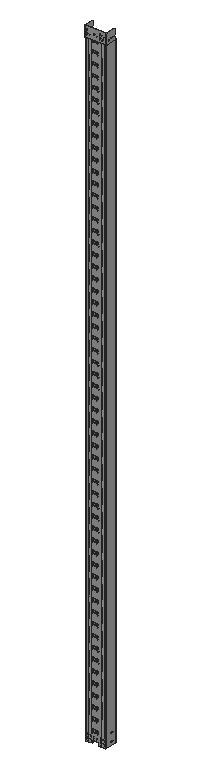
Revit family "Kabelrinne MKSM- MKSM 610 FS", category Generic Models, Revit 2017 (continued)
Dimensions and locks
  locked: Extrusion 83 sketch curve to Extrusion 83 sketch curve at 5.65
  plane 106 to Extrusion 83 sketch curve = 2.825 mm
  locked: plane 105 to Extrusion 83 sketch curve at 39.1
  locked: Extrusion 83 sketch curve to plane 105 at 39.1
  locked: Extrusion 84 sketch curve to Extrusion 84 sketch curve at 5.65
  plane 109 to Extrusion 84 sketch curve = 2.825 mm
  locked: plane 108 to Extrusion 84 sketch curve at 39.1
  locked: Extrusion 84 sketch curve to plane 108 at 39.1
  locked: Extrusion 85 sketch curve to Extrusion 85 sketch curve at 5.65
  plane 112 to Extrusion 85 sketch curve = 2.825 mm
  locked: plane 111 to Extrusion 85 sketch curve at 39.1
  locked: Extrusion 85 sketch curve to plane 111 at 39.1
  locked: Extrusion 86 sketch curve to Extrusion 86 sketch curve at 5.65
  plane 115 to Extrusion 86 sketch curve = 2.825 mm
  locked: plane 114 to Extrusion 86 sketch curve at 39.1
  locked: Extrusion 86 sketch curve to plane 114 at 39.1
  locked: Extrusion 87 sketch curve to Extrusion 87 sketch curve at 5.65
  plane 118 to Extrusion 87 sketch curve = 2.825 mm
  locked: plane 117 to Extrusion 87 sketch curve at 39.1
  locked: Extrusion 87 sketch curve to plane 117 at 39.1
  locked: Extrusion 88 sketch curve to Extrusion 88 sketch curve at 5.65
  plane 121 to Extrusion 88 sketch curve = 2.825 mm
  locked: plane 120 to Extrusion 88 sketch curve at 39.1
  locked: Extrusion 88 sketch curve to plane 120 at 39.1
  locked: Extrusion 89 sketch curve to Extrusion 89 sketch curve at 5.65
  plane 124 to Extrusion 89 sketch curve = 2.825 mm
  locked: plane 123 to Extrusion 89 sketch curve at 39.1
  locked: Extrusion 89 sketch curve to plane 123 at 39.1
  locked: Extrusion 90 sketch curve to Extrusion 90 sketch curve at 5.65
  plane 127 to Extrusion 90 sketch curve = 2.825 mm
  locked: plane 126 to Extrusion 90 sketch curve at 39.1
  locked: Extrusion 90 sketch curve to plane 126 at 39.1
  locked: Extrusion 91 sketch curve to Extrusion 91 sketch curve at 5.65
  plane 130 to Extrusion 91 sketch curve = 2.825 mm
  locked: plane 129 to Extrusion 91 sketch curve at 39.1
  locked: Extrusion 91 sketch curve to plane 129 at 39.1
  locked: Extrusion 92 sketch curve to Extrusion 92 sketch curve at 5.65
  plane 133 to Extrusion 92 sketch curve = 2.825 mm
  locked: plane 132 to Extrusion 92 sketch curve at 39.1
  locked: Extrusion 92 sketch curve to plane 132 at 39.1
  locked: Extrusion 93 sketch curve to Extrusion 93 sketch curve at 5.65
  plane 136 to Extrusion 93 sketch curve = 2.825 mm
  locked: plane 135 to Extrusion 93 sketch curve at 39.1
  locked: Extrusion 93 sketch curve to plane 135 at 39.1
  locked: Extrusion 94 sketch curve to Extrusion 94 sketch curve at 5.65
  plane 139 to Extrusion 94 sketch curve = 2.825 mm
  locked: plane 138 to Extrusion 94 sketch curve at 39.1
  locked: Extrusion 94 sketch curve to plane 138 at 39.1
  locked: Extrusion 95 sketch curve to Extrusion 95 sketch curve at 5.65
  plane 142 to Extrusion 95 sketch curve = 2.825 mm
  locked: plane 141 to Extrusion 95 sketch curve at 39.1
  locked: Extrusion 95 sketch curve to plane 141 at 39.1
  locked: Extrusion 96 sketch curve to Extrusion 96 sketch curve at 5.65
  plane 145 to Extrusion 96 sketch curve = 2.825 mm
  locked: plane 144 to Extrusion 96 sketch curve at 39.1
  locked: Extrusion 96 sketch curve to plane 144 at 39.1
  locked: Extrusion 97 sketch curve to Extrusion 97 sketch curve at 5.65
  locked: plane 148 to Extrusion 97 sketch curve at 2.825
  locked: Extrusion 97 sketch curve to plane 147 at 39.1
  locked: plane 147 to Extrusion 97 sketch curve at 39.1
  locked: cut or joined group 1 (Extrusion 1, Extrusion 6, Extrusion 7, Extrusion 9, Extrusion 10, Extrusion 11, Extrusion 12, Extrusion 13, Extrusion 14, Extrusion 15, Extrusion 16, Extrusion 17, Extrusion 18, Extrusion 19, Extrusion 20, Extrusion 21, Extrusion 22, Extrusion 23, Extrusion 24, Extrusion 25, Extrusion 26, Extrusion 27, Extrusion 28, Extrusion 29, Extrusion 30, Extrusion 31, Extrusion 32, Extrusion 33, Extrusion 34, Extrusion 35, Extrusion 36, Extrusion 37, Extrusion 38, Extrusion 39, Extrusion 40, Extrusion 41, Extrusion 42, Extrusion 43, Extrusion 44, Extrusion 45, Extrusion 46, Extrusion 47, Extrusion 48, Extrusion 49, Extrusion 50, Extrusion 51, Extrusion 52, Extrusion 53, Extrusion 54, Extrusion 55, Extrusion 56, Extrusion 57, Extrusion 58, Extrusion 59, Extrusion 60, Extrusion 61, Extrusion 62, Extrusion 63, Extrusion 64, Extrusion 65, Extrusion 66, Extrusion 67, Extrusion 68, Extrusion 69, Extrusion 70, Extrusion 71, Extrusion 72, Extrusion 73, Extrusion 74, Extrusion 75, Extrusion 76, Extrusion 77, Extrusion 78, Extrusion 79, Extrusion 80, Extrusion 81, Extrusion 82, Extrusion 83, Extrusion 84, Extrusion 85, Extrusion 86, Extrusion 87, Extrusion 88, Extrusion 89, Extrusion 90, Extrusion 91, Extrusion 92, Extrusion 93, Extrusion 94, Extrusion 95, Extrusion 96, Extrusion 97, Extrusion 98, Extrusion 99, Extrusion 100, Extrusion 101, Extrusion 102, Extrusion 103, Extrusion 104, Extrusion 105, Extrusion 106, Extrusion 107, Extrusion 108, Extrusion 109, Extrusion 110, Extrusion 111, Extrusion 112, Extrusion 113, Extrusion 114, Extrusion 115, Extrusion 116, Extrusion 117, Extrusion 118, Extrusion 119, Extrusion 120, Extrusion 121, Extrusion 122, Extrusion 123, Extrusion 124, Extrusion 125, Extrusion 126, Extrusion 127, Extrusion 128, Extrusion 129, Extrusion 130, Extrusion 131, Extrusion 132, Extrusion 133, Extrusion 134, Extrusion 135, Extrusion 136, Extrusion 137, Extrusion 138, Extrusion 139, Extrusion 140, Extrusion 141, Extrusion 142, Extrusion 143, Extrusion 144, Extrusion 145, Extrusion 146, Extrusion 147, Extrusion 148, Extrusion 149, Extrusion 150, Extrusion 151, Extrusion 152, Extrusion 153, Extrusion 154, Extrusion 155, Extrusion 156, Extrusion 157, Extrusion 158, Extrusion 159, Extrusion 160, Extrusion 161, Extrusion 162, Extrusion 163, Extrusion 164, Extrusion 165, Extrusion 166, Extrusion 167, Extrusion 168, Extrusion 169, Extrusion 170, Extrusion 171, Extrusion 172, Extrusion 173, Extrusion 174, Extrusion 175, Extrusion 176, Extrusion 177, Extrusion 178, Extrusion 179, Extrusion 180, Extrusion 181, Extrusion 182, Extrusion 183, Extrusion 184, Extrusion 185, Extrusion 186, Extrusion 187, Extrusion 188, Extrusion 189, Extrusion 190, Extrusion 191, Extrusion 192, Extrusion 193, Extrusion 194, Extrusion 195, Extrusion 196, Extrusion 197, Extrusion 198, Extrusion 199, Extrusion 200, Extrusion 201, Extrusion 202, Extrusion 203, Extrusion 204, Extrusion 205, Extrusion 206, Extrusion 207, Extrusion 208, Extrusion 209, Extrusion 210, Extrusion 211, Extrusion 212, Extrusion 213, Extrusion 214, Extrusion 215, Extrusion 216, Extrusion 217, Extrusion 218, Extrusion 219, Extrusion 220, Extrusion 221, Extrusion 222, Extrusion 223, Extrusion 224, Extrusion 225, Extrusion 226, Extrusion 227, Extrusion 228, Extrusion 229, Extrusion 230, Extrusion 231, Extrusion 232, Extrusion 233, Extrusion 234, Extrusion 235, Extrusion 236, Extrusion 237, Extrusion 238, Extrusion 239, Extrusion 240, Extrusion 241, Extrusion 242, Extrusion 243) to cut or joined group 1 at 4.175
  locked: plane 3 "Center (Left/Right)" to cut or joined group 1 at 28.175
  locked: Extrusion 98 sketch curve to Extrusion 98 sketch curve at 5.65
  locked: plane 150 to Extrusion 98 sketch curve at 2.825
  locked: Extrusion 98 sketch curve to plane 149 at 39.1
  locked: plane 149 to Extrusion 98 sketch curve at 39.1
  equal spacing: group 89, group 90, group 91, group 92, group 93, group 94, group 95, group 96, group 97, group 98, group 99, group 100, group 101, group 102, group 103, group 104, group 105, group 106, group 107, group 108, group 109, group 110, group 111, group 112, group 113, group 114, group 115, group 116  (x3)
  locked: Extrusion 99 sketch curve to Extrusion 99 sketch curve at 5.65
  locked: plane 152 to Extrusion 99 sketch curve at 2.825
  locked: Extrusion 99 sketch curve to plane 151 at 39.1
  locked: plane 151 to Extrusion 99 sketch curve at 39.1
  locked: Extrusion 100 sketch curve to Extrusion 100 sketch curve at 5.65
  locked: plane 154 to Extrusion 100 sketch curve at 2.825
  locked: Extrusion 100 sketch curve to plane 153 at 39.1
  locked: plane 153 to Extrusion 100 sketch curve at 39.1
  locked: Extrusion 101 sketch curve to Extrusion 101 sketch curve at 5.65
  locked: plane 156 to Extrusion 101 sketch curve at 2.825
  locked: Extrusion 101 sketch curve to plane 155 at 39.1
  locked: plane 155 to Extrusion 101 sketch curve at 39.1
  locked: Extrusion 102 sketch curve to Extrusion 102 sketch curve at 5.65
  locked: plane 158 to Extrusion 102 sketch curve at 2.825
  locked: Extrusion 102 sketch curve to plane 157 at 39.1
  locked: plane 157 to Extrusion 102 sketch curve at 39.1
  locked: Extrusion 103 sketch curve to Extrusion 103 sketch curve at 5.65
  locked: plane 160 to Extrusion 103 sketch curve at 2.825
  locked: Extrusion 103 sketch curve to plane 159 at 39.1
  locked: plane 159 to Extrusion 103 sketch curve at 39.1
  locked: Extrusion 104 sketch curve to Extrusion 104 sketch curve at 5.65
  locked: plane 162 to Extrusion 104 sketch curve at 2.825
  locked: Extrusion 104 sketch curve to plane 161 at 39.1
  locked: plane 161 to Extrusion 104 sketch curve at 39.1
  locked: Extrusion 105 sketch curve to Extrusion 105 sketch curve at 5.65
  locked: plane 164 to Extrusion 105 sketch curve at 2.825
  locked: Extrusion 105 sketch curve to plane 163 at 39.1
  locked: plane 163 to Extrusion 105 sketch curve at 39.1
  locked: Extrusion 106 sketch curve to Extrusion 106 sketch curve at 5.65
  locked: plane 166 to Extrusion 106 sketch curve at 2.825
  locked: Extrusion 106 sketch curve to plane 165 at 39.1
  locked: plane 165 to Extrusion 106 sketch curve at 39.1
  locked: Extrusion 107 sketch curve to Extrusion 107 sketch curve at 5.65
  locked: plane 168 to Extrusion 107 sketch curve at 2.825
  locked: Extrusion 107 sketch curve to plane 167 at 39.1
  locked: plane 167 to Extrusion 107 sketch curve at 39.1
  locked: Extrusion 108 sketch curve to Extrusion 108 sketch curve at 5.65
  locked: plane 170 to Extrusion 108 sketch curve at 2.825
  locked: Extrusion 108 sketch curve to plane 169 at 39.1
  locked: plane 169 to Extrusion 108 sketch curve at 39.1
  locked: Extrusion 109 sketch curve to Extrusion 109 sketch curve at 5.65
  locked: plane 172 to Extrusion 109 sketch curve at 2.825
  locked: Extrusion 109 sketch curve to plane 171 at 39.1
  locked: plane 171 to Extrusion 109 sketch curve at 39.1
  locked: Extrusion 110 sketch curve to Extrusion 110 sketch curve at 5.65
  locked: plane 174 to Extrusion 110 sketch curve at 2.825
  locked: Extrusion 110 sketch curve to plane 173 at 39.1
  locked: plane 173 to Extrusion 110 sketch curve at 39.1
  locked: Extrusion 111 sketch curve to Extrusion 111 sketch curve at 5.65
  locked: plane 176 to Extrusion 111 sketch curve at 2.825
  locked: Extrusion 111 sketch curve to plane 175 at 39.1
  locked: plane 175 to Extrusion 111 sketch curve at 39.1
  locked: Extrusion 112 sketch curve to Extrusion 112 sketch curve at 5.65
  locked: plane 178 to Extrusion 112 sketch curve at 2.825
  locked: Extrusion 112 sketch curve to plane 177 at 39.1
  locked: plane 177 to Extrusion 112 sketch curve at 39.1
  locked: Extrusion 113 sketch curve to Extrusion 113 sketch curve at 5.65
  locked: plane 180 to Extrusion 113 sketch curve at 2.825
  locked: Extrusion 113 sketch curve to plane 179 at 39.1
  locked: plane 179 to Extrusion 113 sketch curve at 39.1
  locked: Extrusion 114 sketch curve to Extrusion 114 sketch curve at 5.65
  locked: plane 182 to Extrusion 114 sketch curve at 2.825
  locked: Extrusion 114 sketch curve to plane 181 at 39.1
  locked: plane 181 to Extrusion 114 sketch curve at 39.1
  locked: Extrusion 115 sketch curve to Extrusion 115 sketch curve at 5.65
  locked: plane 184 to Extrusion 115 sketch curve at 2.825
  locked: Extrusion 115 sketch curve to plane 183 at 39.1
  locked: plane 183 to Extrusion 115 sketch curve at 39.1
  locked: Extrusion 116 sketch curve to Extrusion 116 sketch curve at 5.65
  locked: plane 186 to Extrusion 116 sketch curve at 2.825
  locked: Extrusion 116 sketch curve to plane 185 at 39.1
  locked: plane 185 to Extrusion 116 sketch curve at 39.1
  locked: Extrusion 117 sketch curve to Extrusion 117 sketch curve at 5.65
  locked: plane 188 to Extrusion 117 sketch curve at 2.825
  locked: Extrusion 117 sketch curve to plane 187 at 39.1
  locked: plane 187 to Extrusion 117 sketch curve at 39.1
  locked: Extrusion 118 sketch curve to Extrusion 118 sketch curve at 5.65
  locked: plane 190 to Extrusion 118 sketch curve at 2.825
  locked: Extrusion 118 sketch curve to plane 189 at 39.1
  locked: plane 189 to Extrusion 118 sketch curve at 39.1
  locked: Extrusion 119 sketch curve to Extrusion 119 sketch curve at 5.65
  locked: plane 192 to Extrusion 119 sketch curve at 2.825
  locked: Extrusion 119 sketch curve to plane 191 at 39.1
  locked: plane 191 to Extrusion 119 sketch curve at 39.1
  locked: Extrusion 120 sketch curve to Extrusion 120 sketch curve at 5.65
  locked: plane 194 to Extrusion 120 sketch curve at 2.825
  locked: Extrusion 120 sketch curve to plane 193 at 39.1
  locked: plane 193 to Extrusion 120 sketch curve at 39.1
  locked: Extrusion 121 sketch curve to Extrusion 121 sketch curve at 5.65
  locked: plane 196 to Extrusion 121 sketch curve at 2.825
  locked: Extrusion 121 sketch curve to plane 195 at 39.1
  locked: plane 195 to Extrusion 121 sketch curve at 39.1
  locked: Extrusion 122 sketch curve to Extrusion 122 sketch curve at 5.65
  locked: plane 198 to Extrusion 122 sketch curve at 2.825
  locked: Extrusion 122 sketch curve to plane 197 at 39.1
  locked: plane 197 to Extrusion 122 sketch curve at 39.1
  locked: Extrusion 123 sketch curve to Extrusion 123 sketch curve at 5.65
  locked: plane 200 to Extrusion 123 sketch curve at 2.825
  locked: Extrusion 123 sketch curve to plane 199 at 39.1
  locked: plane 199 to Extrusion 123 sketch curve at 39.1
  locked: Extrusion 124 sketch curve to Extrusion 124 sketch curve at 5.65
  locked: plane 202 to Extrusion 124 sketch curve at 2.825
  locked: Extrusion 124 sketch curve to plane 201 at 39.1
  locked: plane 201 to Extrusion 124 sketch curve at 39.1
  locked: plane 3 "Center (Left/Right)" to plane 204 at 31
  locked: plane 203 to plane 3 "Center (Left/Right)" at 31
  locked: level to plane 205 at 25.1
  locked: Extrusion 125 sketch curve to Extrusion 125 sketch curve at 14
  locked: Extrusion 125 sketch curve to plane 203 at 7
  locked: Extrusion 125 sketch curve to Extrusion 125 sketch curve at 6.5  (x2)
  locked: plane 205 to Extrusion 125 sketch curve at 4.75
  locked: Extrusion 125 sketch curve to plane 205 at 4.75
  locked: Extrusion 126 sketch curve to Extrusion 126 sketch curve at 14
  locked: Extrusion 126 sketch curve to plane 208 at 7
  locked: Extrusion 126 sketch curve to Extrusion 126 sketch curve at 6.5  (x2)
  locked: plane 210 to Extrusion 126 sketch curve at 4.75
  locked: Extrusion 126 sketch curve to plane 210 at 4.75
  locked: level to plane 213 at 25.1
  locked: Extrusion 127 sketch curve to Extrusion 127 sketch curve at 10
  locked: plane 213 to Extrusion 127 sketch curve at 5
  plane 213 to plane 215 = 2 mm
  plane 216 to plane 213 = 2 mm
  locked: plane 222 to plane 221 at 25
  locked: Extrusion 128 sketch curve to Extrusion 128 sketch curve at 7  (x2)
  locked: Extrusion 128 sketch curve to plane 221 at 3.5
  locked: Extrusion 128 sketch curve to plane 220 at 10  (x2)
  locked: plane 220 to Extrusion 128 sketch curve at 10  (x2)
  locked: Extrusion 128 sketch curve to plane 222 at 3.5
  locked: plane 225 to plane 224 at 25
  locked: Extrusion 129 sketch curve to Extrusion 129 sketch curve at 7  (x2)
  locked: Extrusion 129 sketch curve to plane 224 at 3.5
  locked: Extrusion 129 sketch curve to plane 223 at 10  (x2)
  locked: plane 223 to Extrusion 129 sketch curve at 10  (x2)
  locked: Extrusion 129 sketch curve to plane 225 at 3.5
  locked: plane 228 to plane 227 at 25
  locked: Extrusion 130 sketch curve to Extrusion 130 sketch curve at 7  (x2)
  locked: Extrusion 130 sketch curve to plane 227 at 3.5
  locked: Extrusion 130 sketch curve to plane 226 at 10  (x2)
  locked: plane 226 to Extrusion 130 sketch curve at 10  (x2)
  locked: Extrusion 130 sketch curve to plane 228 at 3.5
  locked: plane 231 to plane 230 at 25
  locked: Extrusion 131 sketch curve to Extrusion 131 sketch curve at 7  (x2)
  locked: Extrusion 131 sketch curve to plane 230 at 3.5
  locked: Extrusion 131 sketch curve to plane 229 at 10  (x2)
  locked: plane 229 to Extrusion 131 sketch curve at 10  (x2)
  locked: Extrusion 131 sketch curve to plane 231 at 3.5
  locked: plane 234 to plane 233 at 25
  locked: Extrusion 132 sketch curve to Extrusion 132 sketch curve at 7  (x2)
  locked: Extrusion 132 sketch curve to plane 233 at 3.5
  locked: Extrusion 132 sketch curve to plane 232 at 10  (x2)
  locked: plane 232 to Extrusion 132 sketch curve at 10  (x2)
  locked: Extrusion 132 sketch curve to plane 234 at 3.5
  locked: plane 237 to plane 236 at 25
  locked: Extrusion 133 sketch curve to Extrusion 133 sketch curve at 7  (x2)
  locked: Extrusion 133 sketch curve to plane 236 at 3.5
  locked: Extrusion 133 sketch curve to plane 235 at 10  (x2)
  locked: plane 235 to Extrusion 133 sketch curve at 10  (x2)
  locked: Extrusion 133 sketch curve to plane 237 at 3.5
  locked: plane 240 to plane 239 at 25
  locked: Extrusion 134 sketch curve to Extrusion 134 sketch curve at 7  (x2)
  locked: Extrusion 134 sketch curve to plane 239 at 3.5
  locked: Extrusion 134 sketch curve to plane 238 at 10  (x2)
  locked: plane 238 to Extrusion 134 sketch curve at 10  (x2)
  locked: Extrusion 134 sketch curve to plane 240 at 3.5
  locked: plane 243 to plane 242 at 25
  locked: Extrusion 135 sketch curve to Extrusion 135 sketch curve at 7  (x2)
  locked: Extrusion 135 sketch curve to plane 242 at 3.5
  locked: Extrusion 135 sketch curve to plane 241 at 10  (x2)
  locked: plane 241 to Extrusion 135 sketch curve at 10  (x2)
  locked: Extrusion 135 sketch curve to plane 243 at 3.5
  locked: plane 246 to plane 245 at 25
  locked: Extrusion 136 sketch curve to Extrusion 136 sketch curve at 7  (x2)
  locked: Extrusion 136 sketch curve to plane 245 at 3.5
  locked: Extrusion 136 sketch curve to plane 244 at 10  (x2)
  locked: plane 244 to Extrusion 136 sketch curve at 10  (x2)
  locked: Extrusion 136 sketch curve to plane 246 at 3.5
  locked: plane 249 to plane 248 at 25
  locked: Extrusion 137 sketch curve to Extrusion 137 sketch curve at 7  (x2)
  locked: Extrusion 137 sketch curve to plane 248 at 3.5
  locked: Extrusion 137 sketch curve to plane 247 at 10  (x2)
  locked: plane 247 to Extrusion 137 sketch curve at 10  (x2)
  locked: Extrusion 137 sketch curve to plane 249 at 3.5
  locked: plane 252 to plane 251 at 25
  locked: Extrusion 138 sketch curve to Extrusion 138 sketch curve at 7  (x2)
  locked: Extrusion 138 sketch curve to plane 251 at 3.5
  locked: Extrusion 138 sketch curve to plane 250 at 10  (x2)
  locked: plane 250 to Extrusion 138 sketch curve at 10  (x2)
  locked: Extrusion 138 sketch curve to plane 252 at 3.5
  locked: plane 255 to plane 254 at 25
  locked: Extrusion 139 sketch curve to Extrusion 139 sketch curve at 7  (x2)
  locked: Extrusion 139 sketch curve to plane 254 at 3.5
  locked: Extrusion 139 sketch curve to plane 253 at 10  (x2)
  locked: plane 253 to Extrusion 139 sketch curve at 10  (x2)
  locked: Extrusion 139 sketch curve to plane 255 at 3.5
  locked: plane 258 to plane 257 at 25
  locked: Extrusion 140 sketch curve to Extrusion 140 sketch curve at 7  (x2)
  locked: Extrusion 140 sketch curve to plane 257 at 3.5
  locked: Extrusion 140 sketch curve to plane 256 at 10  (x2)
  locked: plane 256 to Extrusion 140 sketch curve at 10  (x2)
  locked: Extrusion 140 sketch curve to plane 258 at 3.5
  locked: plane 261 to plane 260 at 25
  locked: Extrusion 141 sketch curve to Extrusion 141 sketch curve at 7  (x2)
  locked: Extrusion 141 sketch curve to plane 260 at 3.5
  locked: Extrusion 141 sketch curve to plane 259 at 10  (x2)
  locked: plane 259 to Extrusion 141 sketch curve at 10  (x2)
  locked: Extrusion 141 sketch curve to plane 261 at 3.5
  locked: plane 264 to plane 263 at 25
  locked: Extrusion 142 sketch curve to Extrusion 142 sketch curve at 7  (x2)
  locked: Extrusion 142 sketch curve to plane 263 at 3.5
  locked: Extrusion 142 sketch curve to plane 262 at 10  (x2)
  locked: plane 262 to Extrusion 142 sketch curve at 10  (x2)
  locked: Extrusion 142 sketch curve to plane 264 at 3.5
  locked: plane 267 to plane 266 at 25
  locked: Extrusion 143 sketch curve to Extrusion 143 sketch curve at 7  (x2)
  locked: Extrusion 143 sketch curve to plane 266 at 3.5
  locked: Extrusion 143 sketch curve to plane 265 at 10  (x2)
  locked: plane 265 to Extrusion 143 sketch curve at 10  (x2)
  locked: Extrusion 143 sketch curve to plane 267 at 3.5
  locked: plane 270 to plane 269 at 25
  locked: Extrusion 144 sketch curve to Extrusion 144 sketch curve at 7  (x2)
  locked: Extrusion 144 sketch curve to plane 269 at 3.5
  locked: Extrusion 144 sketch curve to plane 268 at 10  (x2)
  locked: plane 268 to Extrusion 144 sketch curve at 10  (x2)
  locked: Extrusion 144 sketch curve to plane 270 at 3.5
  locked: plane 273 to plane 272 at 25
  locked: Extrusion 145 sketch curve to Extrusion 145 sketch curve at 7  (x2)
  locked: Extrusion 145 sketch curve to plane 272 at 3.5
  locked: Extrusion 145 sketch curve to plane 271 at 10  (x2)
  locked: plane 271 to Extrusion 145 sketch curve at 10  (x2)
  locked: Extrusion 145 sketch curve to plane 273 at 3.5
  locked: plane 276 to plane 275 at 25
  locked: Extrusion 146 sketch curve to Extrusion 146 sketch curve at 7  (x2)
  locked: Extrusion 146 sketch curve to plane 275 at 3.5
  locked: Extrusion 146 sketch curve to plane 274 at 10  (x2)
  locked: plane 274 to Extrusion 146 sketch curve at 10  (x2)
  locked: Extrusion 146 sketch curve to plane 276 at 3.5
  locked: plane 279 to plane 278 at 25
  locked: Extrusion 147 sketch curve to Extrusion 147 sketch curve at 7  (x2)
  locked: Extrusion 147 sketch curve to plane 278 at 3.5
  locked: Extrusion 147 sketch curve to plane 277 at 10  (x2)
  locked: plane 277 to Extrusion 147 sketch curve at 10  (x2)
  locked: Extrusion 147 sketch curve to plane 279 at 3.5
  locked: plane 282 to plane 281 at 25
  locked: Extrusion 148 sketch curve to Extrusion 148 sketch curve at 7  (x2)
  locked: Extrusion 148 sketch curve to plane 281 at 3.5
  locked: Extrusion 148 sketch curve to plane 280 at 10  (x2)
  locked: plane 280 to Extrusion 148 sketch curve at 10  (x2)
  locked: Extrusion 148 sketch curve to plane 282 at 3.5
  locked: plane 285 to plane 284 at 25
  locked: Extrusion 149 sketch curve to Extrusion 149 sketch curve at 7  (x2)
  locked: Extrusion 149 sketch curve to plane 284 at 3.5
  locked: Extrusion 149 sketch curve to plane 283 at 10  (x2)
  locked: plane 283 to Extrusion 149 sketch curve at 10  (x2)
  locked: Extrusion 149 sketch curve to plane 285 at 3.5
  locked: plane 288 to plane 287 at 25
  locked: Extrusion 150 sketch curve to Extrusion 150 sketch curve at 7  (x2)
  locked: Extrusion 150 sketch curve to plane 287 at 3.5
  locked: Extrusion 150 sketch curve to plane 286 at 10  (x2)
  locked: plane 286 to Extrusion 150 sketch curve at 10  (x2)
  locked: Extrusion 150 sketch curve to plane 288 at 3.5
  locked: plane 291 to plane 290 at 25
  locked: Extrusion 151 sketch curve to Extrusion 151 sketch curve at 7  (x2)
  locked: Extrusion 151 sketch curve to plane 290 at 3.5
  locked: Extrusion 151 sketch curve to plane 289 at 10  (x2)
  locked: plane 289 to Extrusion 151 sketch curve at 10  (x2)
  locked: Extrusion 151 sketch curve to plane 291 at 3.5
  locked: plane 294 to plane 293 at 25
  locked: Extrusion 152 sketch curve to Extrusion 152 sketch curve at 7  (x2)
  locked: Extrusion 152 sketch curve to plane 293 at 3.5
  locked: Extrusion 152 sketch curve to plane 292 at 10  (x2)
  locked: plane 292 to Extrusion 152 sketch curve at 10  (x2)
  locked: Extrusion 152 sketch curve to plane 294 at 3.5
  locked: plane 297 to plane 296 at 25
  locked: Extrusion 153 sketch curve to Extrusion 153 sketch curve at 7  (x2)
  locked: Extrusion 153 sketch curve to plane 296 at 3.5
  locked: Extrusion 153 sketch curve to plane 295 at 10  (x2)
  locked: plane 295 to Extrusion 153 sketch curve at 10  (x2)
  locked: Extrusion 153 sketch curve to plane 297 at 3.5
  locked: plane 300 to plane 299 at 25
  locked: Extrusion 154 sketch curve to Extrusion 154 sketch curve at 7  (x2)
  locked: Extrusion 154 sketch curve to plane 299 at 3.5
  locked: Extrusion 154 sketch curve to plane 298 at 10  (x2)
  locked: plane 298 to Extrusion 154 sketch curve at 10  (x2)
  locked: Extrusion 154 sketch curve to plane 300 at 3.5
  locked: plane 303 to plane 302 at 25
  locked: Extrusion 155 sketch curve to Extrusion 155 sketch curve at 7  (x2)
  locked: Extrusion 155 sketch curve to plane 302 at 3.5
  locked: Extrusion 155 sketch curve to plane 301 at 10  (x2)
  locked: plane 301 to Extrusion 155 sketch curve at 10  (x2)
  locked: Extrusion 155 sketch curve to plane 303 at 3.5
  locked: plane 306 to plane 305 at 25
  locked: Extrusion 156 sketch curve to Extrusion 156 sketch curve at 7  (x2)
  locked: Extrusion 156 sketch curve to plane 305 at 3.5
  locked: Extrusion 156 sketch curve to plane 304 at 10  (x2)
  locked: plane 304 to Extrusion 156 sketch curve at 10  (x2)
  locked: Extrusion 156 sketch curve to plane 306 at 3.5
  locked: plane 309 to plane 308 at 25
  locked: Extrusion 157 sketch curve to Extrusion 157 sketch curve at 7  (x2)
  locked: Extrusion 157 sketch curve to plane 308 at 3.5
  locked: Extrusion 157 sketch curve to plane 307 at 10  (x2)
  locked: plane 307 to Extrusion 157 sketch curve at 10  (x2)
  locked: Extrusion 157 sketch curve to plane 309 at 3.5
  locked: plane 312 to plane 311 at 25
  locked: Extrusion 158 sketch curve to Extrusion 158 sketch curve at 7  (x2)
  locked: Extrusion 158 sketch curve to plane 311 at 3.5
  locked: Extrusion 158 sketch curve to plane 310 at 10  (x2)
  locked: plane 310 to Extrusion 158 sketch curve at 10  (x2)
  locked: Extrusion 158 sketch curve to plane 312 at 3.5
  locked: plane 315 to plane 314 at 25
  locked: Extrusion 159 sketch curve to Extrusion 159 sketch curve at 7  (x2)
  locked: Extrusion 159 sketch curve to plane 314 at 3.5
  locked: Extrusion 159 sketch curve to plane 313 at 10  (x2)
  locked: plane 313 to Extrusion 159 sketch curve at 10  (x2)
  locked: Extrusion 159 sketch curve to plane 315 at 3.5
  locked: plane 318 to plane 317 at 25
  locked: Extrusion 160 sketch curve to Extrusion 160 sketch curve at 7  (x2)
  locked: Extrusion 160 sketch curve to plane 317 at 3.5
  locked: Extrusion 160 sketch curve to plane 316 at 10  (x2)
  locked: plane 316 to Extrusion 160 sketch curve at 10  (x2)
  locked: Extrusion 160 sketch curve to plane 318 at 3.5
  locked: plane 321 to plane 320 at 25
  locked: Extrusion 161 sketch curve to Extrusion 161 sketch curve at 7  (x2)
  locked: Extrusion 161 sketch curve to plane 320 at 3.5
  locked: Extrusion 161 sketch curve to plane 319 at 10  (x2)
  locked: plane 319 to Extrusion 161 sketch curve at 10  (x2)
  locked: Extrusion 161 sketch curve to plane 321 at 3.5
  locked: plane 324 to plane 323 at 25
  locked: Extrusion 162 sketch curve to Extrusion 162 sketch curve at 7  (x2)
  locked: Extrusion 162 sketch curve to plane 323 at 3.5
  locked: Extrusion 162 sketch curve to plane 322 at 10  (x2)
  locked: plane 322 to Extrusion 162 sketch curve at 10  (x2)
  locked: Extrusion 162 sketch curve to plane 324 at 3.5
  locked: plane 327 to plane 326 at 25
  locked: Extrusion 163 sketch curve to Extrusion 163 sketch curve at 7  (x2)
  locked: Extrusion 163 sketch curve to plane 326 at 3.5
  locked: Extrusion 163 sketch curve to plane 325 at 10  (x2)
  locked: plane 325 to Extrusion 163 sketch curve at 10  (x2)
  locked: Extrusion 163 sketch curve to plane 327 at 3.5
  locked: plane 330 to plane 329 at 25
  locked: Extrusion 164 sketch curve to Extrusion 164 sketch curve at 7  (x2)
  locked: Extrusion 164 sketch curve to plane 329 at 3.5
  locked: Extrusion 164 sketch curve to plane 328 at 10  (x2)
  locked: plane 328 to Extrusion 164 sketch curve at 10  (x2)
  locked: Extrusion 164 sketch curve to plane 330 at 3.5
  locked: plane 333 to plane 332 at 25
  locked: Extrusion 165 sketch curve to Extrusion 165 sketch curve at 7  (x2)
  locked: Extrusion 165 sketch curve to plane 332 at 3.5
  locked: Extrusion 165 sketch curve to plane 331 at 10  (x2)
  locked: plane 331 to Extrusion 165 sketch curve at 10  (x2)
  locked: Extrusion 165 sketch curve to plane 333 at 3.5
  locked: plane 336 to plane 335 at 25
  locked: Extrusion 166 sketch curve to Extrusion 166 sketch curve at 7  (x2)
  locked: Extrusion 166 sketch curve to plane 335 at 3.5
  locked: Extrusion 166 sketch curve to plane 334 at 10  (x2)
  locked: plane 334 to Extrusion 166 sketch curve at 10  (x2)
  locked: Extrusion 166 sketch curve to plane 336 at 3.5
  locked: plane 339 to plane 338 at 25
  locked: Extrusion 167 sketch curve to Extrusion 167 sketch curve at 7  (x2)
  locked: Extrusion 167 sketch curve to plane 338 at 3.5
  locked: Extrusion 167 sketch curve to plane 337 at 10  (x2)
  locked: plane 337 to Extrusion 167 sketch curve at 10  (x2)
  locked: Extrusion 167 sketch curve to plane 339 at 3.5
  locked: plane 342 to plane 341 at 25
  locked: Extrusion 168 sketch curve to Extrusion 168 sketch curve at 7  (x2)
  locked: Extrusion 168 sketch curve to plane 341 at 3.5
  locked: Extrusion 168 sketch curve to plane 340 at 10  (x2)
  locked: plane 340 to Extrusion 168 sketch curve at 10  (x2)
  locked: Extrusion 168 sketch curve to plane 342 at 3.5
  locked: plane 345 to plane 344 at 25
  locked: Extrusion 169 sketch curve to Extrusion 169 sketch curve at 7  (x2)
  locked: Extrusion 169 sketch curve to plane 344 at 3.5
  locked: Extrusion 169 sketch curve to plane 343 at 10  (x2)
  locked: plane 343 to Extrusion 169 sketch curve at 10  (x2)
  locked: Extrusion 169 sketch curve to plane 345 at 3.5
  locked: plane 348 to plane 347 at 25
  locked: Extrusion 170 sketch curve to Extrusion 170 sketch curve at 7  (x2)
  locked: Extrusion 170 sketch curve to plane 347 at 3.5
  locked: Extrusion 170 sketch curve to plane 346 at 10  (x2)
  locked: plane 346 to Extrusion 170 sketch curve at 10  (x2)
  locked: Extrusion 170 sketch curve to plane 348 at 3.5
  locked: plane 351 to plane 350 at 25
  locked: Extrusion 171 sketch curve to Extrusion 171 sketch curve at 7  (x2)
  locked: Extrusion 171 sketch curve to plane 350 at 3.5
  locked: Extrusion 171 sketch curve to plane 349 at 10  (x2)
  locked: plane 349 to Extrusion 171 sketch curve at 10  (x2)
  locked: Extrusion 171 sketch curve to plane 351 at 3.5
  locked: plane 354 to plane 353 at 25
  locked: Extrusion 172 sketch curve to Extrusion 172 sketch curve at 7  (x2)
  locked: Extrusion 172 sketch curve to plane 353 at 3.5
  locked: Extrusion 172 sketch curve to plane 352 at 10  (x2)
  locked: plane 352 to Extrusion 172 sketch curve at 10  (x2)
  locked: Extrusion 172 sketch curve to plane 354 at 3.5
  locked: plane 357 to plane 356 at 25
  locked: Extrusion 173 sketch curve to Extrusion 173 sketch curve at 7  (x2)
  locked: Extrusion 173 sketch curve to plane 356 at 3.5
  locked: Extrusion 173 sketch curve to plane 355 at 10  (x2)
  locked: plane 355 to Extrusion 173 sketch curve at 10  (x2)
  locked: Extrusion 173 sketch curve to plane 357 at 3.5
  locked: plane 360 to plane 359 at 25
  locked: Extrusion 174 sketch curve to Extrusion 174 sketch curve at 7  (x2)
  locked: Extrusion 174 sketch curve to plane 359 at 3.5
  locked: Extrusion 174 sketch curve to plane 358 at 10  (x2)
  locked: plane 358 to Extrusion 174 sketch curve at 10  (x2)
  locked: Extrusion 174 sketch curve to plane 360 at 3.5
  locked: plane 363 to plane 362 at 25
  locked: Extrusion 175 sketch curve to Extrusion 175 sketch curve at 7  (x2)
  locked: Extrusion 175 sketch curve to plane 362 at 3.5
  locked: Extrusion 175 sketch curve to plane 361 at 10  (x2)
  locked: plane 361 to Extrusion 175 sketch curve at 10  (x2)
  locked: Extrusion 175 sketch curve to plane 363 at 3.5
  locked: plane 366 to plane 365 at 25
  locked: Extrusion 176 sketch curve to Extrusion 176 sketch curve at 7  (x2)
  locked: Extrusion 176 sketch curve to plane 365 at 3.5
  locked: Extrusion 176 sketch curve to plane 364 at 10  (x2)
  locked: plane 364 to Extrusion 176 sketch curve at 10  (x2)
  locked: Extrusion 176 sketch curve to plane 366 at 3.5
  locked: plane 369 to plane 368 at 25
  locked: Extrusion 177 sketch curve to Extrusion 177 sketch curve at 7  (x2)
  locked: Extrusion 177 sketch curve to plane 368 at 3.5
  locked: Extrusion 177 sketch curve to plane 367 at 10  (x2)
  locked: plane 367 to Extrusion 177 sketch curve at 10  (x2)
  locked: Extrusion 177 sketch curve to plane 369 at 3.5
  locked: plane 372 to plane 371 at 25
  locked: Extrusion 178 sketch curve to Extrusion 178 sketch curve at 7  (x2)
  locked: Extrusion 178 sketch curve to plane 371 at 3.5
  locked: Extrusion 178 sketch curve to plane 370 at 10  (x2)
  locked: plane 370 to Extrusion 178 sketch curve at 10  (x2)
  locked: Extrusion 178 sketch curve to plane 372 at 3.5
  locked: plane 375 to plane 374 at 25
  locked: Extrusion 179 sketch curve to Extrusion 179 sketch curve at 7  (x2)
  locked: Extrusion 179 sketch curve to plane 374 at 3.5
  locked: Extrusion 179 sketch curve to plane 373 at 10  (x2)
  locked: plane 373 to Extrusion 179 sketch curve at 10  (x2)
  locked: Extrusion 179 sketch curve to plane 375 at 3.5
  locked: plane 378 to plane 377 at 25
  locked: Extrusion 180 sketch curve to Extrusion 180 sketch curve at 7  (x2)
  locked: Extrusion 180 sketch curve to plane 377 at 3.5
  locked: Extrusion 180 sketch curve to plane 376 at 10  (x2)
  locked: plane 376 to Extrusion 180 sketch curve at 10  (x2)
  locked: Extrusion 180 sketch curve to plane 378 at 3.5
  locked: plane 381 to plane 380 at 25
  locked: Extrusion 181 sketch curve to Extrusion 181 sketch curve at 7  (x2)
  locked: Extrusion 181 sketch curve to plane 380 at 3.5
  locked: Extrusion 181 sketch curve to plane 379 at 10  (x2)
  locked: plane 379 to Extrusion 181 sketch curve at 10  (x2)
  locked: Extrusion 181 sketch curve to plane 381 at 3.5
  locked: plane 384 to plane 383 at 25
  locked: Extrusion 182 sketch curve to Extrusion 182 sketch curve at 7  (x2)
  locked: Extrusion 182 sketch curve to plane 383 at 3.5
  locked: Extrusion 182 sketch curve to plane 382 at 10  (x2)
  locked: plane 382 to Extrusion 182 sketch curve at 10  (x2)
  locked: Extrusion 182 sketch curve to plane 384 at 3.5
  locked: plane 387 to plane 386 at 25
  locked: Extrusion 183 sketch curve to Extrusion 183 sketch curve at 7  (x2)
  locked: Extrusion 183 sketch curve to plane 386 at 3.5
  locked: Extrusion 183 sketch curve to plane 385 at 10  (x2)
  locked: plane 385 to Extrusion 183 sketch curve at 10  (x2)
  locked: Extrusion 183 sketch curve to plane 387 at 3.5
  locked: plane 390 to plane 389 at 25
  locked: Extrusion 184 sketch curve to Extrusion 184 sketch curve at 7  (x2)
  locked: Extrusion 184 sketch curve to plane 389 at 3.5
  locked: Extrusion 184 sketch curve to plane 388 at 10  (x2)
  locked: plane 388 to Extrusion 184 sketch curve at 10  (x2)
  locked: Extrusion 184 sketch curve to plane 390 at 3.5
  locked: plane 393 to plane 392 at 25
  locked: Extrusion 185 sketch curve to Extrusion 185 sketch curve at 7  (x2)
  locked: Extrusion 185 sketch curve to plane 392 at 3.5
  locked: Extrusion 185 sketch curve to plane 391 at 10  (x2)
  locked: plane 391 to Extrusion 185 sketch curve at 10  (x2)
  locked: Extrusion 185 sketch curve to plane 393 at 3.5
  locked: plane 395 to plane 396 at 25
  locked: Extrusion 186 sketch curve to Extrusion 186 sketch curve at 7  (x2)
  locked: Extrusion 186 sketch curve to plane 395 at 3.5
  locked: Extrusion 186 sketch curve to plane 394 at 10  (x2)
  locked: plane 394 to Extrusion 186 sketch curve at 10  (x2)
  locked: Extrusion 186 sketch curve to plane 396 at 3.5
  locked: plane 398 to plane 399 at 25
  locked: Extrusion 187 sketch curve to Extrusion 187 sketch curve at 7  (x2)
  locked: Extrusion 187 sketch curve to plane 398 at 3.5
  locked: Extrusion 187 sketch curve to plane 397 at 10  (x2)
  locked: plane 397 to Extrusion 187 sketch curve at 10  (x2)
  locked: Extrusion 187 sketch curve to plane 399 at 3.5
  locked: plane 401 to plane 402 at 25
  locked: Extrusion 188 sketch curve to Extrusion 188 sketch curve at 7  (x2)
  locked: Extrusion 188 sketch curve to plane 401 at 3.5
  locked: Extrusion 188 sketch curve to plane 400 at 10  (x2)
  locked: plane 400 to Extrusion 188 sketch curve at 10  (x2)
  locked: Extrusion 188 sketch curve to plane 402 at 3.5
  locked: plane 404 to plane 405 at 25
  locked: Extrusion 189 sketch curve to Extrusion 189 sketch curve at 7  (x2)
  locked: Extrusion 189 sketch curve to plane 404 at 3.5
  locked: Extrusion 189 sketch curve to plane 403 at 10  (x2)
  locked: plane 403 to Extrusion 189 sketch curve at 10  (x2)
  locked: Extrusion 189 sketch curve to plane 405 at 3.5
  locked: plane 407 to plane 408 at 25
  locked: Extrusion 190 sketch curve to Extrusion 190 sketch curve at 7  (x2)
  locked: Extrusion 190 sketch curve to plane 407 at 3.5
  locked: Extrusion 190 sketch curve to plane 406 at 10  (x2)
  locked: plane 406 to Extrusion 190 sketch curve at 10  (x2)
  locked: Extrusion 190 sketch curve to plane 408 at 3.5
  locked: plane 410 to plane 411 at 25
  locked: Extrusion 191 sketch curve to Extrusion 191 sketch curve at 7  (x2)
  locked: Extrusion 191 sketch curve to plane 410 at 3.5
  locked: Extrusion 191 sketch curve to plane 409 at 10  (x2)
  locked: plane 409 to Extrusion 191 sketch curve at 10  (x2)
  locked: Extrusion 191 sketch curve to plane 411 at 3.5
  locked: plane 413 to plane 414 at 25
  locked: Extrusion 192 sketch curve to Extrusion 192 sketch curve at 7  (x2)
  locked: Extrusion 192 sketch curve to plane 413 at 3.5
  locked: Extrusion 192 sketch curve to plane 412 at 10  (x2)
  locked: plane 412 to Extrusion 192 sketch curve at 10  (x2)
  locked: Extrusion 192 sketch curve to plane 414 at 3.5
  locked: plane 416 to plane 417 at 25
  locked: Extrusion 193 sketch curve to Extrusion 193 sketch curve at 7  (x2)
  locked: Extrusion 193 sketch curve to plane 416 at 3.5
  locked: Extrusion 193 sketch curve to plane 415 at 10  (x2)
  locked: plane 415 to Extrusion 193 sketch curve at 10  (x2)
  locked: Extrusion 193 sketch curve to plane 417 at 3.5
  locked: plane 419 to plane 420 at 25
  locked: Extrusion 194 sketch curve to Extrusion 194 sketch curve at 7  (x2)
  locked: Extrusion 194 sketch curve to plane 419 at 3.5
  locked: Extrusion 194 sketch curve to plane 418 at 10  (x2)
  locked: plane 418 to Extrusion 194 sketch curve at 10  (x2)
  locked: Extrusion 194 sketch curve to plane 420 at 3.5
  locked: plane 422 to plane 423 at 25
  locked: Extrusion 195 sketch curve to Extrusion 195 sketch curve at 7  (x2)
  locked: Extrusion 195 sketch curve to plane 422 at 3.5
  locked: Extrusion 195 sketch curve to plane 421 at 10  (x2)
  locked: plane 421 to Extrusion 195 sketch curve at 10  (x2)
  locked: Extrusion 195 sketch curve to plane 423 at 3.5
  locked: plane 425 to plane 426 at 25
  locked: Extrusion 196 sketch curve to Extrusion 196 sketch curve at 7  (x2)
  locked: Extrusion 196 sketch curve to plane 425 at 3.5
  locked: Extrusion 196 sketch curve to plane 424 at 10  (x2)
  locked: plane 424 to Extrusion 196 sketch curve at 10  (x2)
  locked: Extrusion 196 sketch curve to plane 426 at 3.5
  locked: plane 428 to plane 429 at 25
  locked: Extrusion 197 sketch curve to Extrusion 197 sketch curve at 7  (x2)
  locked: Extrusion 197 sketch curve to plane 428 at 3.5
  locked: Extrusion 197 sketch curve to plane 427 at 10  (x2)
  locked: plane 427 to Extrusion 197 sketch curve at 10  (x2)
  locked: Extrusion 197 sketch curve to plane 429 at 3.5
  locked: plane 431 to plane 432 at 25
  locked: Extrusion 198 sketch curve to Extrusion 198 sketch curve at 7  (x2)
  locked: Extrusion 198 sketch curve to plane 431 at 3.5
  locked: Extrusion 198 sketch curve to plane 430 at 10  (x2)
  locked: plane 430 to Extrusion 198 sketch curve at 10  (x2)
  locked: Extrusion 198 sketch curve to plane 432 at 3.5
  locked: plane 434 to plane 435 at 25
  locked: Extrusion 199 sketch curve to Extrusion 199 sketch curve at 7  (x2)
  locked: Extrusion 199 sketch curve to plane 434 at 3.5
  locked: Extrusion 199 sketch curve to plane 433 at 10  (x2)
  locked: plane 433 to Extrusion 199 sketch curve at 10  (x2)
  locked: Extrusion 199 sketch curve to plane 435 at 3.5
  locked: plane 437 to plane 438 at 25
  locked: Extrusion 200 sketch curve to Extrusion 200 sketch curve at 7  (x2)
  locked: Extrusion 200 sketch curve to plane 437 at 3.5
  locked: Extrusion 200 sketch curve to plane 436 at 10  (x2)
  locked: plane 436 to Extrusion 200 sketch curve at 10  (x2)
  locked: Extrusion 200 sketch curve to plane 438 at 3.5
  locked: plane 440 to plane 441 at 25
  locked: Extrusion 201 sketch curve to Extrusion 201 sketch curve at 7  (x2)
  locked: Extrusion 201 sketch curve to plane 440 at 3.5
  locked: Extrusion 201 sketch curve to plane 439 at 10  (x2)
  locked: plane 439 to Extrusion 201 sketch curve at 10  (x2)
  locked: Extrusion 201 sketch curve to plane 441 at 3.5
  locked: plane 443 to plane 444 at 25
  locked: Extrusion 202 sketch curve to Extrusion 202 sketch curve at 7  (x2)
  locked: Extrusion 202 sketch curve to plane 443 at 3.5
  locked: Extrusion 202 sketch curve to plane 442 at 10  (x2)
  locked: plane 442 to Extrusion 202 sketch curve at 10  (x2)
  locked: Extrusion 202 sketch curve to plane 444 at 3.5
  locked: plane 446 to plane 447 at 25
  locked: Extrusion 203 sketch curve to Extrusion 203 sketch curve at 7  (x2)
  locked: Extrusion 203 sketch curve to plane 446 at 3.5
  locked: Extrusion 203 sketch curve to plane 445 at 10  (x2)
  locked: plane 445 to Extrusion 203 sketch curve at 10  (x2)
  locked: Extrusion 203 sketch curve to plane 447 at 3.5
  locked: plane 449 to plane 450 at 25
  locked: Extrusion 204 sketch curve to Extrusion 204 sketch curve at 7  (x2)
  locked: Extrusion 204 sketch curve to plane 449 at 3.5
  locked: Extrusion 204 sketch curve to plane 448 at 10  (x2)
  locked: plane 448 to Extrusion 204 sketch curve at 10  (x2)
  locked: Extrusion 204 sketch curve to plane 450 at 3.5
  locked: plane 452 to plane 453 at 25
  locked: Extrusion 205 sketch curve to Extrusion 205 sketch curve at 7  (x2)
  locked: Extrusion 205 sketch curve to plane 452 at 3.5
  locked: Extrusion 205 sketch curve to plane 451 at 10  (x2)
  locked: plane 451 to Extrusion 205 sketch curve at 10  (x2)
  locked: Extrusion 205 sketch curve to plane 453 at 3.5
  locked: plane 455 to plane 456 at 25
  locked: Extrusion 206 sketch curve to Extrusion 206 sketch curve at 7  (x2)
  locked: Extrusion 206 sketch curve to plane 455 at 3.5
  locked: Extrusion 206 sketch curve to plane 454 at 10  (x2)
  locked: plane 454 to Extrusion 206 sketch curve at 10  (x2)
  locked: Extrusion 206 sketch curve to plane 456 at 3.5
  locked: plane 458 to plane 459 at 25
  locked: Extrusion 207 sketch curve to Extrusion 207 sketch curve at 7  (x2)
  locked: Extrusion 207 sketch curve to plane 458 at 3.5
  locked: Extrusion 207 sketch curve to plane 457 at 10  (x2)
  locked: plane 457 to Extrusion 207 sketch curve at 10  (x2)
  locked: Extrusion 207 sketch curve to plane 459 at 3.5
  locked: plane 461 to plane 462 at 25
  locked: Extrusion 208 sketch curve to Extrusion 208 sketch curve at 7  (x2)
  locked: Extrusion 208 sketch curve to plane 461 at 3.5
  locked: Extrusion 208 sketch curve to plane 460 at 10  (x2)
  locked: plane 460 to Extrusion 208 sketch curve at 10  (x2)
  locked: Extrusion 208 sketch curve to plane 462 at 3.5
  locked: plane 464 to plane 465 at 25
  locked: Extrusion 209 sketch curve to Extrusion 209 sketch curve at 7  (x2)
  locked: Extrusion 209 sketch curve to plane 464 at 3.5
  locked: Extrusion 209 sketch curve to plane 463 at 10  (x2)
  locked: plane 463 to Extrusion 209 sketch curve at 10  (x2)
  locked: Extrusion 209 sketch curve to plane 465 at 3.5
  locked: plane 467 to plane 468 at 25
  locked: Extrusion 210 sketch curve to Extrusion 210 sketch curve at 7  (x2)
  locked: Extrusion 210 sketch curve to plane 467 at 3.5
  locked: Extrusion 210 sketch curve to plane 466 at 10  (x2)
  locked: plane 466 to Extrusion 210 sketch curve at 10  (x2)
  locked: Extrusion 210 sketch curve to plane 468 at 3.5
  locked: plane 470 to plane 471 at 25
  locked: Extrusion 211 sketch curve to Extrusion 211 sketch curve at 7  (x2)
  locked: Extrusion 211 sketch curve to plane 470 at 3.5
  locked: Extrusion 211 sketch curve to plane 469 at 10  (x2)
  locked: plane 469 to Extrusion 211 sketch curve at 10  (x2)
  locked: Extrusion 211 sketch curve to plane 471 at 3.5
  locked: plane 473 to plane 474 at 25
  locked: Extrusion 212 sketch curve to Extrusion 212 sketch curve at 7  (x2)
  locked: Extrusion 212 sketch curve to plane 473 at 3.5
  locked: Extrusion 212 sketch curve to plane 472 at 10  (x2)
  locked: plane 472 to Extrusion 212 sketch curve at 10  (x2)
  locked: Extrusion 212 sketch curve to plane 474 at 3.5
  locked: plane 476 to plane 477 at 25
  locked: Extrusion 213 sketch curve to Extrusion 213 sketch curve at 7  (x2)
  locked: Extrusion 213 sketch curve to plane 476 at 3.5
  locked: Extrusion 213 sketch curve to plane 475 at 10  (x2)
  locked: plane 475 to Extrusion 213 sketch curve at 10  (x2)
  locked: Extrusion 213 sketch curve to plane 477 at 3.5
  locked: plane 479 to plane 480 at 25
  locked: Extrusion 214 sketch curve to Extrusion 214 sketch curve at 7  (x2)
  locked: Extrusion 214 sketch curve to plane 479 at 3.5
  locked: Extrusion 214 sketch curve to plane 478 at 10  (x2)
  locked: plane 478 to Extrusion 214 sketch curve at 10  (x2)
  locked: Extrusion 214 sketch curve to plane 480 at 3.5
  locked: plane 482 to plane 483 at 25
  locked: Extrusion 215 sketch curve to Extrusion 215 sketch curve at 7  (x2)
  locked: Extrusion 215 sketch curve to plane 482 at 3.5
  locked: Extrusion 215 sketch curve to plane 481 at 10  (x2)
  locked: plane 481 to Extrusion 215 sketch curve at 10  (x2)
  locked: Extrusion 215 sketch curve to plane 483 at 3.5
  locked: plane 485 to plane 486 at 25
  locked: Extrusion 216 sketch curve to Extrusion 216 sketch curve at 7  (x2)
  locked: Extrusion 216 sketch curve to plane 485 at 3.5
  locked: Extrusion 216 sketch curve to plane 484 at 10  (x2)
  locked: plane 484 to Extrusion 216 sketch curve at 10  (x2)
  locked: Extrusion 216 sketch curve to plane 486 at 3.5
  locked: plane 488 to plane 489 at 25
  locked: Extrusion 217 sketch curve to Extrusion 217 sketch curve at 7  (x2)
  locked: Extrusion 217 sketch curve to plane 488 at 3.5
  locked: Extrusion 217 sketch curve to plane 487 at 10  (x2)
  locked: plane 487 to Extrusion 217 sketch curve at 10  (x2)
  locked: Extrusion 217 sketch curve to plane 489 at 3.5
  locked: plane 491 to plane 492 at 25
  locked: Extrusion 218 sketch curve to Extrusion 218 sketch curve at 7  (x2)
  locked: Extrusion 218 sketch curve to plane 491 at 3.5
  locked: Extrusion 218 sketch curve to plane 490 at 10  (x2)
  locked: plane 490 to Extrusion 218 sketch curve at 10  (x2)
  locked: Extrusion 218 sketch curve to plane 492 at 3.5
  locked: plane 494 to plane 495 at 25
  locked: Extrusion 219 sketch curve to Extrusion 219 sketch curve at 7  (x2)
  locked: Extrusion 219 sketch curve to plane 494 at 3.5
  locked: Extrusion 219 sketch curve to plane 493 at 10  (x2)
  locked: plane 493 to Extrusion 219 sketch curve at 10  (x2)
  locked: Extrusion 219 sketch curve to plane 495 at 3.5
  locked: plane 497 to plane 498 at 25
  locked: Extrusion 220 sketch curve to Extrusion 220 sketch curve at 7  (x2)
  locked: Extrusion 220 sketch curve to plane 497 at 3.5
  locked: Extrusion 220 sketch curve to plane 496 at 10  (x2)
  locked: plane 496 to Extrusion 220 sketch curve at 10  (x2)
  locked: Extrusion 220 sketch curve to plane 498 at 3.5
  locked: plane 500 to plane 501 at 25
  locked: Extrusion 221 sketch curve to Extrusion 221 sketch curve at 7  (x2)
  locked: Extrusion 221 sketch curve to plane 500 at 3.5
  locked: Extrusion 221 sketch curve to plane 499 at 10  (x2)
  locked: plane 499 to Extrusion 221 sketch curve at 10  (x2)
  locked: Extrusion 221 sketch curve to plane 501 at 3.5
  locked: plane 503 to plane 504 at 25
  locked: Extrusion 222 sketch curve to Extrusion 222 sketch curve at 7  (x2)
  locked: Extrusion 222 sketch curve to plane 503 at 3.5
  locked: Extrusion 222 sketch curve to plane 502 at 10  (x2)
  locked: plane 502 to Extrusion 222 sketch curve at 10  (x2)
  locked: Extrusion 222 sketch curve to plane 504 at 3.5
  locked: plane 506 to plane 507 at 25
  locked: Extrusion 223 sketch curve to Extrusion 223 sketch curve at 7  (x2)
  locked: Extrusion 223 sketch curve to plane 506 at 3.5
  locked: Extrusion 223 sketch curve to plane 505 at 10  (x2)
  locked: plane 505 to Extrusion 223 sketch curve at 10  (x2)
  locked: Extrusion 223 sketch curve to plane 507 at 3.5
  locked: plane 509 to plane 510 at 25
  locked: Extrusion 224 sketch curve to Extrusion 224 sketch curve at 7  (x2)
  locked: Extrusion 224 sketch curve to plane 509 at 3.5
  locked: Extrusion 224 sketch curve to plane 508 at 10  (x2)
  locked: plane 508 to Extrusion 224 sketch curve at 10  (x2)
  locked: Extrusion 224 sketch curve to plane 510 at 3.5
  locked: plane 512 to plane 513 at 25
  locked: Extrusion 225 sketch curve to Extrusion 225 sketch curve at 7  (x2)
  locked: Extrusion 225 sketch curve to plane 512 at 3.5
  locked: Extrusion 225 sketch curve to plane 511 at 10  (x2)
  locked: plane 511 to Extrusion 225 sketch curve at 10  (x2)
  locked: Extrusion 225 sketch curve to plane 513 at 3.5
  locked: plane 515 to plane 516 at 25
  locked: Extrusion 226 sketch curve to Extrusion 226 sketch curve at 7  (x2)
  locked: Extrusion 226 sketch curve to plane 515 at 3.5
  locked: Extrusion 226 sketch curve to plane 514 at 10  (x2)
  locked: plane 514 to Extrusion 226 sketch curve at 10  (x2)
  locked: Extrusion 226 sketch curve to plane 516 at 3.5
  locked: plane 518 to plane 519 at 25
  locked: Extrusion 227 sketch curve to Extrusion 227 sketch curve at 7  (x2)
  locked: Extrusion 227 sketch curve to plane 518 at 3.5
  locked: Extrusion 227 sketch curve to plane 517 at 10  (x2)
  locked: plane 517 to Extrusion 227 sketch curve at 10  (x2)
  locked: Extrusion 227 sketch curve to plane 519 at 3.5
  locked: plane 521 to plane 522 at 25
  locked: Extrusion 228 sketch curve to Extrusion 228 sketch curve at 7  (x2)
  locked: Extrusion 228 sketch curve to plane 521 at 3.5
  locked: Extrusion 228 sketch curve to plane 520 at 10  (x2)
  locked: plane 520 to Extrusion 228 sketch curve at 10  (x2)
  locked: Extrusion 228 sketch curve to plane 522 at 3.5
  locked: plane 524 to plane 525 at 25
  locked: Extrusion 229 sketch curve to Extrusion 229 sketch curve at 7  (x2)
  locked: Extrusion 229 sketch curve to plane 524 at 3.5
  locked: Extrusion 229 sketch curve to plane 523 at 10  (x2)
  locked: plane 523 to Extrusion 229 sketch curve at 10  (x2)
  locked: Extrusion 229 sketch curve to plane 525 at 3.5
  locked: plane 527 to plane 528 at 25
  locked: Extrusion 230 sketch curve to Extrusion 230 sketch curve at 7  (x2)
  locked: Extrusion 230 sketch curve to plane 527 at 3.5
  locked: Extrusion 230 sketch curve to plane 526 at 10  (x2)
  locked: plane 526 to Extrusion 230 sketch curve at 10  (x2)
  locked: Extrusion 230 sketch curve to plane 528 at 3.5
  locked: plane 530 to plane 531 at 25
  locked: Extrusion 231 sketch curve to Extrusion 231 sketch curve at 7  (x2)
  locked: Extrusion 231 sketch curve to plane 530 at 3.5
  locked: Extrusion 231 sketch curve to plane 529 at 10  (x2)
  locked: plane 529 to Extrusion 231 sketch curve at 10  (x2)
  locked: Extrusion 231 sketch curve to plane 531 at 3.5
  locked: plane 533 to plane 534 at 25
  locked: Extrusion 232 sketch curve to Extrusion 232 sketch curve at 7  (x2)
  locked: Extrusion 232 sketch curve to plane 533 at 3.5
  locked: Extrusion 232 sketch curve to plane 532 at 10  (x2)
  locked: plane 532 to Extrusion 232 sketch curve at 10  (x2)
  locked: Extrusion 232 sketch curve to plane 534 at 3.5
  locked: plane 536 to plane 537 at 25
  locked: Extrusion 233 sketch curve to Extrusion 233 sketch curve at 7  (x2)
  locked: Extrusion 233 sketch curve to plane 536 at 3.5
  locked: Extrusion 233 sketch curve to plane 535 at 10  (x2)
  locked: plane 535 to Extrusion 233 sketch curve at 10  (x2)
  locked: Extrusion 233 sketch curve to plane 537 at 3.5
  locked: plane 539 to plane 540 at 25
  locked: Extrusion 234 sketch curve to Extrusion 234 sketch curve at 7  (x2)
